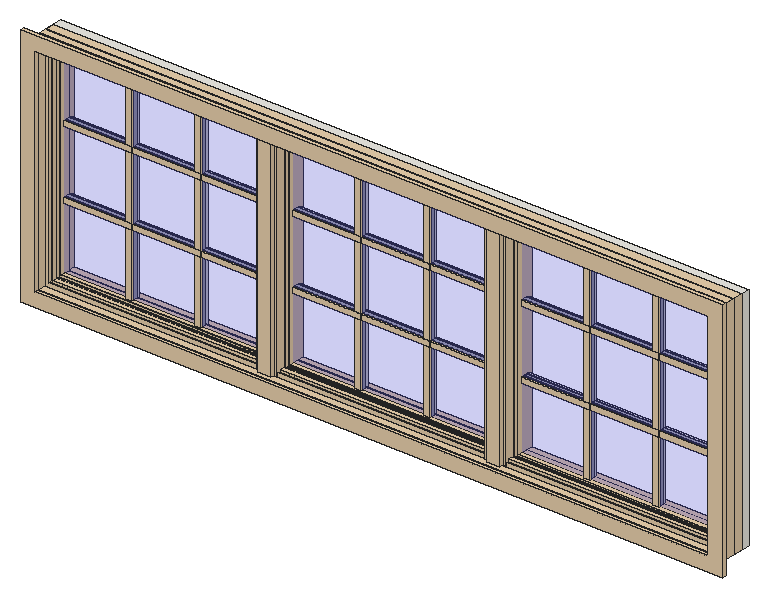
Revit family "1 Window-Transom_Fixed-Andersen-400_Series_Triple", category Windows, host Wall, Revit 2014
Parameters (values of type "84-5/8" x 12"")
  XPanelWidth = (Width / 3) - 0' 1 9/256"  # 2' - 10 7/8"
  XPanelHeight = Height - 0' 1 1/8"  # 2' - 10 7/8"
  Visual Light Transmittance = 0.48  # constant formula
  Thermal Resistance (R) = 0.62871  # 3.5700 (h·ft²·°F)/BTU
  TFL = if(Fractional Lights High > 5, 3, if(or(Fractional Lights High = 4, Fractional Lights High = 5), 2, if(or(Fractional Lights High = 2, Fractional Lights High = 3), 1, 1)))  # 2
  TFB = TFL - 1  # 1
  Solar Heat Gain Coefficient = 0.21  # constant formula
  Learn About These Parameters = "http://www.andersenwindows.com/for-professionals/cad-symbols-bim-support-window-doors/bim-support"
  LWide = if(Enter Pattern Number = 3, 3, if(Enter Pattern Number = 1, . . Lights Wide, Fractional Lights Wide))  # 3
  Heat Transfer Coefficient (U) = 1.5899  # 0.2800 BTU/(h·ft²·°F)
  Glazing Material = Glass ‐ Andersen - Low-E4 SmartSun
  Fractional Lights Wide = 3
  Fractional Lights High = 5
  Exterior Unit Finish = Vinyl - Andersen - White
  Enter Jamb Condition = 1
  Analytic Construction = "<None>"
  ..Jamb Condition Number 1 = "Extension Jamb Only"  # constant formula
  ..Jamb Condition Number 2 = "Narrow Drywall Return"  # constant formula
  ..Jamb Condition Number 3 = "Wide Drywall Return"  # constant formula
  Available Grille Bar Sizes = "3/4'', 7/8'', 1 1/8'', 2 1/4''"  # constant formula
  Between Glass Grille Bar Sizes = "3/4'', 1''"  # constant formula
  Interior Casing = yes
  Grille Bar Size = 0' - 0 7/8"
  Enter Pattern Number = 1
  ..Pattern Number 1 = "Colonial"  # constant formula
  . . Lights Wide = 3
  . . Lights High = 3
  ..Pattern Number 2 = "Modified Colonial"  # constant formula
  ..Pattern Number 3 = "Prairie"  # constant formula
  ..Pattern Number 4 = "Short Fractional"  # constant formula
  ..Pattern Number 5 = "Tall Fractional"  # constant formula
  Extension Jamb = yes
  Enter Exterior Trim Number = 0
  ..Exterior Trim Number 0 = "No Exterior Trim"  # constant formula
  ..Exterior Trim Number 1 = "Brick Mould"  # constant formula
  ..Exterior Trim Number 2 = "3 1/2'' Flat Casing"  # constant formula
  ..Exterior Trim Number 3 = "4 1/2'' Flat Casing"  # constant formula
  Interior Grille Bar = yes
  Exterior Grille Bar = yes
  Between Glass Grille Bar = yes
  xjamb Visibility [instance] = and(and(Enter Jamb Condition = 1, Wall Depth > 0' 2 7/8"), Extension Jamb)  # yes
  xjamb S1 [instance] = if(Wall Depth > 0' 3", Wall Depth - 0' 2 27/32", 0' 3")  # 0' - 1 23/32"
  sill nose1 = 0' - 1 13/16"  # constant formula
  sill nose 2 = 0' - 1 15/16"  # constant formula
  casingS2 = if(Enter Exterior Trim Number = 1, 0' 0 3/16", 0' 0 3/16")  # 0' - 0 3/16"
  casingS1 = if(Enter Exterior Trim Number = 1, 0' 0 7/16", 0' 0 3/16")  # 0' - 0 3/16"
  casing4 = if(Enter Exterior Trim Number = 1, 0' 1 3/4", if(Enter Exterior Trim Number = 2, 0' 3 1/4", 0' 4 1/4"))  # 0' - 4 1/4"
  casing3 = 0' - 0 1/2"  # constant formula
  casing2 = 0' - 0 7/8"  # constant formula
  casing1 = 0' - 0 1/4"  # constant formula
  Xjamb 2 = if(or(Enter Jamb Condition = 2, Enter Jamb Condition = 3), 0' 0 1/32", 0' 0 1/2")  # 0' - 0 1/2"
  Xjamb 1 = if(or(Enter Jamb Condition = 2, Enter Jamb Condition = 3), 0' 0 5/8", 0' 1 3/32")  # 0' - 1 3/32"
  Wall Thickness [instance] = 0' - 6"
  Wall Depth [instance] = 0' - 4 9/16"
  Void Offset 2 = if(Enter Exterior Trim Number > 0, 0' 1 15/16", 0' 0")  # 0' - 0"
  Void Offset 1 = if(Enter Exterior Trim Number > 0, casing4, 0' 0")  # 0' - 0"
  Void Depth [instance] = if(Wall Thickness > Wall Depth, 0' 1" + Wall Thickness - Wall Depth, 0' 1")  # 0' - 2 7/16"
  VeriLock Sensor [instance] = no
  VGB DLO = if(Enter Pattern Number = 3, 0' 4", (H DLO - (Grille Bar Size * (V Bars))) / if(LWide > 2, LWide, 3))  # 2' - 9.82682"
  V Bars = if(Enter Pattern Number = 3, 2, if(LWide > 2, LWide - 1, 2))  # 2
  URL = "www.andersenwindows.com"
  Type Comments = "Vinyl-clad wood transom window"
  TS V DLO = Height - HGO - SGO  # 2' - 7 1/2"
  TS V Bar Length = if(or(Enter Pattern Number = 5, Enter Pattern Number = 2), ((((Height - HGO - SGO - (Grille Bar Size * (Fractional Lights High - 1))) / Fractional Lights High)) * TFL) + (TFB * Grille Bar Size), if(Enter Pattern Number = 4, ((Height - HGO - SGO - (Grille Bar Size * (Fractional Lights High - 1))) / Fractional Lights High), Height - HGO - SGO))  # 2' - 7 1/2"
  TS SH DLO = if(or(Enter Pattern Number = 5, Enter Pattern Number = 2), ((((Height - HGO - SGO - (Grille Bar Size * (Fractional Lights High - 1))) / Fractional Lights High)) * TFL) + (TFB * Grille Bar Size) + HGO + (Grille Bar Size / 2), if(Enter Pattern Number = 4, TS V Bar Length + HGO + (Grille Bar Size / 2), (TS V DLO / 2) + HGO))  # 1' - 6"
  TS S V = or(and(LWide = 2, Enter Pattern Number = 1), and(Fractional Lights Wide = 2, or(or(Enter Pattern Number = 2, Enter Pattern Number = 4), Enter Pattern Number = 5)))  # no
  TS S H Craftsman = and(Enter Pattern Number = 2, or(Fractional Lights High = 4, Fractional Lights High = 5))  # no
  TS S H = or(or(or(and(. . Lights High = 2, Enter Pattern Number = 1), and(Enter Pattern Number = 4, Fractional Lights High > 1)), and(Enter Pattern Number = 5, Fractional Lights High > 1)), and(Enter Pattern Number = 2, Fractional Lights High > 1))  # no
  TS M V = LWide > 2  # yes
  TS M H = or(or(Enter Pattern Number = 3, and(. . Lights High > 2, Enter Pattern Number = 1)), and(Enter Pattern Number = 2, Fractional Lights High > 5))  # yes
  TS HGB DLO = if(Enter Pattern Number = 1, if(. . Lights High > 2, ((TS V Bar Length - (Grille Bar Size * (. . Lights High - 1))) / . . Lights High), 0' 4"), if(Enter Pattern Number = 3, 0' 4", if(Fractional Lights High > 2, ((TS V Bar Length - (Grille Bar Size * 2)) / 3), 0' 4")))  # 0' - 9.91667"
  TS H Bars = if(Enter Pattern Number = 3, 2, if(Enter Pattern Number = 1, if(. . Lights High > 2, . . Lights High - 1, 2), 2))  # 2
  Step Visibility = or(Enter Jamb Condition = 2, Enter Jamb Condition = 3)  # no
  Step Jamb2 = if(Enter Jamb Condition = 2, 0' 0 1/4", 0' 0 13/16")  # 0' - 0 13/16"
  Step Jamb1 = 0' - 1 1/8"  # constant formula
  Sill Stop Dim [instance] = 0' - 2 1/2"
  SGO = 0' - 2 1/4"  # constant formula
  Rough Width = Width + (Rough Opening Offset * 2)  # 9' - 0 59/256"
  Rough Opening Offset = 0' - 0 1/4"
  Rough Height = Height + (Rough Opening Offset * 2)  # 3' - 0 1/2"
  Push Out Stop Visibility [instance] = no
  Product Documentation Link = "https://www.andersenwindows.com/windows-and-doors/series/400-series/"
  Plan Exterior Mask Visibility [instance] = Plan Exterior Mask 2 > 0' 0 1/32"  # yes
  Plan Exterior Mask 2 [instance] = if(Enter Exterior Trim Number > 0, if(Wall Depth + 0' 1 1/16" + casingS1 > Wall Thickness, 0' 0 1/32", Wall Thickness - Wall Depth - 0' 1 1/16" - casingS1), if(Wall Depth + 0' 1 1/16" > Wall Thickness, 0' 0 1/32", Wall Thickness - Wall Depth - 0' 0 1/16"))  # 0' - 1 3/8"
  Plan Exterior Mask [instance] = if(Enter Exterior Trim Number > 0, 0' 1 1/16" + casingS1, 0' 1 1/16")  # 0' - 1 1/16"
  Nail Fin Visibility = Enter Exterior Trim Number = 0  # yes
  Model = "400-Series Casement/Awning Transom"  # constant formula
  Masonry Width = if(Enter Exterior Trim Number > 0, Width + ((casing4 + Masonry Opening Offset) * 2), Width + (Masonry Opening Offset * 2))  # 9' - 0 59/256"
  Masonry Opening Offset = 0' - 0 1/4"
  Masonry Height = if(Enter Exterior Trim Number > 0, Height + (casing4 + Masonry Opening Offset) + (sill nose 2 + Masonry Opening Offset), Height + (Masonry Opening Offset * 2))  # 3' - 0 1/2"
  Manufacturer = "Andersen Corporation"  # constant formula
  JGO = 0' - 2 1/4"  # constant formula
  Interior Trim Visibility = and(Enter Jamb Condition = 1, Interior Casing)  # yes
  Interior Material = Wood - Andersen - Pine
  Interior Casing Size = 0' - 2 1/4"
  Horizontal Craftsman Bar Size = 0' - 0 7/8"
  Height = 3' - 0"
  Head Stop Dim [instance] = 0' - 2 17/64"
  HGO = 0' - 2 1/4"  # constant formula
  H DLO = Width - (JGO * 2)  # 8' - 7 59/256"
  Family Version = "01.01.19"  # constant formula
  Exterior Trim Finish = Fibrex Composite - Andersen - White
  Designation = "CTR32410"
  Description = "Vinyl-clad wood casement/awning transom"  # constant formula
  Default Sill Height = 6' 10 1/2" - Rough Height  # 3' - 10"
  Wall Closure = By host
  Width = 8' - 11 187/256"
  Crank Out Stop Visibility [instance] = yes
  Coarse Plan [instance] = if(Wall Depth < Wall Thickness, Wall Depth, Wall Thickness)  # 0' - 4 9/16"
  Casing Visibility = Enter Exterior Trim Number > 0  # no
  Between Glass Grille Bar Finish = Stainless Steel - Andersen - Standard
  Bar Center Line = if(Enter Pattern Number = 3, 1, 2)  # 2
  Assembly Code = "B2020100"
Reference planes (in)
  plane 1 "Center (Front/Back)": y = 0
  plane 2: z = 0
  plane 3 "Center (Left/Right)": x = 0
  plane 4 "R Frame": x = -53.86523
  plane 5 "L Frame": x = 53.86523
  plane 6 "B Frame": z = 46.25
  plane 7 "T Frame": z = 82.25
  plane 8 "L Glazing": x = 51.61523
  plane 9 "L Ext Frame": x = 53.30273
  plane 10 "L Stop": x = 51.86523
  plane 11 "L Xjamb 1": x = 52.77148
  plane 12 "L Casing 1": x = 53.61523
  plane 13 "L Xjamb 2": x = 53.36523
  plane 14 "L Rough Opening": x = 54.11523
  plane 15 "L Casing 2": x = 57.24023
  plane 16 "L Casing 3": x = 57.61523
  plane 17 "L Casing 4": x = 58.11523
  plane 18 "R Glazing": x = -51.61523
  plane 19 "R Ext Frame": x = -53.30273
  plane 20 "R Stop": x = -51.86523
  plane 21 "R Xjamb 1": x = -52.77148
  plane 22 "R Casing 1": x = -53.61523
  plane 23 "R Xjamb 2": x = -53.36523
  plane 24 "R Rough Opening": x = -54.11523
  plane 25 "R Casing 2": x = -57.24023
  plane 26 "R Casing 3": x = -57.61523
  plane 27 "R Casing 4": x = -58.11523
  plane 28 "R Int Casing": x = -55.02148
  plane 29 "T Ext Frame": z = 81.68689
  plane 30 "T Xjamb 1": z = 81.125
  plane 31 "T Casing 1": z = 82
  plane 32 "T Xjamb 2": z = 81.75
  plane 33 "T Rough Opening": z = 82.5
  plane 34 "T Casing 2": z = 85.625
  plane 35 "T Casing 3": z = 86
  plane 36 "T Casing 4": z = 86.5
  plane 37 "T Int Casing": z = 83.375
  plane 38 "B Ext Frame": z = 46.81311
  plane 39 "B Xjamb 2": z = 46.75
  plane 40 "B Casing 1": z = 46.5
  plane 41 "B Casing 2": z = 44.3125
  plane 42 "B Int Casing": z = 45.125
  plane 43 "L Int Casing": x = 55.02148
  plane 44 "Casing S1": y = 3.062
  plane 45 "Casing S2": y = 3.062
  plane 46 "Frame S1": y = 2.8745
  plane 47 "Flange": y = 1.5625
  plane 48 "Sash1 S2": y = 0
  plane 49 "Frame S2": y = -1.2855
  plane 50 "B Xjamb 1": z = 47.375
  plane 51 "Exterior Offset": y = 4
  plane 52 "Interior Casing": y = -3.625
  plane 53 "B Rough Opening": z = 46
  plane 54 "R Masonry Opening": x = -58.36523
  plane 55 "L Masonry Opening": x = 58.36523
  plane 56 "T Masonry Opening": z = 86.75
  plane 57 "B Masonry Opening": z = 44.0625
  plane 58 "Xjamb S1": y = -1.28125
  plane 59 "Sash1 S1": y = 2.5625
  plane 60 "Stop S1": y = -1.6875
  plane 61 "T Int Frame": z = 81.125
  plane 62 "B Int Frame": z = 47.375
  plane 63 "L Int Frame": x = 52.75623
  plane 64 "R Int Frame": x = -52.75623
  plane 65 "T Stop": z = 80.25
  plane 66 "B Stop": z = 48.25
  plane 67: x = 18.42773
  plane 68: x = -18.42773
Forms (in)
  Extrusion 1, void
    sketch origin (0, 0, 0) x (1, 0, 0) y (0, 0, 1)
      loop
        line (53.86523, 82.25) -> (-53.86523, 82.25) -> (-53.86523, 46.25) -> (53.86523, 46.25) -> (53.86523, 82.25)
    from -1.5625 to 3
  Extrusion 2, void
    sketch origin (0, 0, 0) x (1, 0, 0) y (0, 0, 1)
      loop
        line (53.86523, 82.25) -> (-53.86523, 82.25) -> (-53.86523, 46.25) -> (53.86523, 46.25) -> (53.86523, 82.25)
    from -15 to -1.5625
  Extrusion 3, solid, material "Wood - Andersen - Pine" <- "Interior Material", visible <- "xjamb Visibility", detail levels medium+fine
    sketch origin (0, -2.5625, 0) x (-1, 0, 0) y (0, 0, 1)
      loop
        line (53.36523, 81.75) -> (-53.36523, 81.75) -> (-53.36523, 46.75) -> (53.36523, 46.75) -> (53.36523, 81.75)
      loop
        line (52.77148, 81.125) -> (-52.77148, 81.125) -> (-52.77148, 47.375) -> (52.77148, 47.375) -> (52.77148, 81.125)
    from 1.28125 to -0.4375
  Extrusion 4, solid, material "Wood - Andersen - Pine" <- "Interior Material", visible <- "Interior Trim Visibility", detail levels fine
    sketch origin (0, -3.625, 0) x (-1, 0, 0) y (0, 0, 1)
      loop
        line (55.02148, 83.375) -> (-55.02148, 83.375) -> (-55.02148, 45.125) -> (55.02148, 45.125) -> (55.02148, 83.375)
      loop
        line (52.77148, 81.125) -> (-52.77148, 81.125) -> (-52.77148, 47.375) -> (52.77148, 47.375) -> (52.77148, 81.125)
    from 0 to 0.625
  Extrusion 5, solid, material "Fibrex Composite - Andersen - White" <- "Exterior Trim Finish", visible <- "Casing Visibility", detail levels medium+fine
    sketch origin (0, 0, 0) x (0, 1, 0) y (0, 0, 1)
      loop
        line (2.31163, 46.25) -> (1.5625, 46.25) -> (1.5625, 44.3125) -> (3.375, 44.3125) -> (3.375, 46.0625) -> (2.31163, 46.25)
    from -58.11523 to 58.11523
  Sweep 6, solid, material "Fibrex Composite - Andersen - White" <- "Exterior Trim Finish", visible <- "Casing Visibility", detail levels medium+fine
    path origin (0, 1.5625, 0) x (-1, 0, 0) y (0, 0, 1)
      loop
        line (-58.11523, 44.3125) -> (-58.11523, 86.5) -> (58.11523, 86.5) -> (58.11523, 44.3125)
    profile origin (58.11523, 1.5625, 65.40625) x (1, 0, 0) y (0, 1, 0)
      loop
        line (-0.875, 1.4995) -> (-4.5, 1.4995) -> (-4.5, 0) -> (0, 0) -> (0, 1.4995) -> (-0.5, 1.4995) -> (-0.875, 1.4995)
  Extrusion 7, solid, material "Fibrex Composite - Andersen - White" <- "Exterior Trim Finish", visible <- "Casing Visibility", detail levels coarse
    sketch origin (0, 1.5625, 0) x (-1, 0, 0) y (0, 0, 1)
      loop
        line (-58.11523, 86.5) -> (-58.11523, 44.3125) -> (58.11523, 44.3125) -> (58.11523, 86.5) -> (-58.11523, 86.5)
      loop
        line (-53.61523, 82) -> (-53.61523, 46.25) -> (53.61523, 46.25) -> (53.61523, 82) -> (-53.61523, 82)
    from 0 to 1.4995
  Extrusion 8, solid, material "Wood - Andersen - Pine" <- "Interior Material", detail levels medium+fine
    sketch origin (0, 0, 0) x (-1, 0, 0) y (0, 0, 1)
      loop
        line (53.28523, 81.5) -> (-53.28523, 81.5) -> (-53.28523, 46.99975) -> (53.28523, 46.99975) -> (53.28523, 81.5)
      loop
        line (51.61523, 80) -> (-51.61523, 80) -> (-51.61523, 48.5) -> (51.61523, 48.5) -> (51.61523, 80)
    from 0 to 1.5625
  Extrusion 9, solid, material "Vinyl - Andersen - White" <- "Exterior Unit Finish"
    sketch origin (0, 0, 0) x (1, 0, 0) y (0, 0, 1)
      loop
        line (53.86523, 82.25) -> (-53.86523, 82.25) -> (-53.86523, 46.25) -> (53.86523, 46.25) -> (53.86523, 82.25)
      loop
        line (53.30273, 81.68689) -> (-53.30273, 81.68689) -> (-53.30273, 46.81311) -> (53.30273, 46.81311) -> (53.30273, 81.68689)
    from -2.8745 to 0
  Extrusion 10, solid, material "Wood - Andersen - Pine" <- "Interior Material", detail levels medium+fine
    sketch origin (0, 0, 0) x (1, 0, 0) y (0, 0, 1)
      loop
        line (53.86523, 82.25) -> (-53.86523, 82.25) -> (-53.86523, 46.25) -> (53.86523, 46.25) -> (53.86523, 82.25)
      loop
        line (52.75623, 81.125) -> (-52.75623, 81.125) -> (-52.75623, 47.375) -> (52.75623, 47.375) -> (52.75623, 81.125)
    from 0 to 1.2855
  Extrusion 11, solid, material "Wood - Andersen - Pine" <- "Interior Material"
    sketch origin (0, 0, 0) x (1, 0, 0) y (0, 1, 0)
      loop
        line (-52.75623, -1.6875) -> (-52.17773, -1.6875) -> (-52.17773, -0.4375) -> (-51.86523, -0.4375) -> (-51.86523, 0) -> (-52.75623, 0) -> (-52.75623, -1.6875)
      loop
        line (52.75623, -1.6875) -> (52.75623, 0) -> (51.86523, 0) -> (51.86523, -0.4375) -> (52.17773, -0.4375) -> (52.17773, -1.6875) -> (52.75623, -1.6875)
    from 47.375 to 81.125
  Sweep 12, solid, material "Wood - Andersen - Pine" <- "Interior Material", visible <- "Step Visibility", detail levels medium+fine
    path origin (0, 1.5625, 0) x (-1, 0, 0) y (0, 0, 1)
      loop
        line (53.86523, 46.25) -> (53.86523, 82.25) -> (-53.86523, 82.25) -> (-53.86523, 46.25) -> (53.86523, 46.25)
    profile origin (-53.86523, 1.5625, 64.25) x (1, 0, 0) y (0, 1, 0)
      loop
        line (0, -2.848) -> (0, -3.6605) -> (1.09375, -3.6605) -> (1.09375, -2.848) -> (0, -2.848)
  Extrusion 13, solid, material "Wood - Andersen - Pine" <- "Interior Material"
    sketch origin (0, 0, 0) x (0, 1, 0) y (0, 0, 1)
      loop
        line (-1.6875, 81.125) -> (-1.6875, 80.5625) -> (-0.4375, 80.5625) -> (-0.4375, 80.25) -> (0, 80.25) -> (0, 81.125) -> (-1.6875, 81.125)
      loop
        line (-0.4375, 48.25) -> (-0.4375, 47.9375) -> (-1.6875, 47.9375) -> (-1.6875, 47.375) -> (0, 47.375) -> (0, 48.25) -> (-0.4375, 48.25)
    from -52.75623 to 52.75623
  Sweep 14, solid, material "Wood - Andersen - Pine" <- "Interior Material"
    path origin (0, 1.5625, 0) x (-1, 0, 0) y (0, 0, 1)
      loop
        line (-53.86523, 82.25) -> (-53.86523, 46.25) -> (53.86523, 46.25) -> (53.86523, 82.25) -> (-53.86523, 82.25)
    profile origin (53.86523, 1.5625, 64.25) x (0, 1, 0) y (-1, 0, 0)
      loop
        line (0, 2.25) -> (-1.5625, 2.25) -> (-1.5625, 2) -> (-2.848, 2) -> (-2.848, 0) -> (0, 0) -> (0, 2.25)
  Extrusion 15, solid, material "Vinyl - Andersen - White" <- "Exterior Unit Finish"
    sketch origin (0, 1.5, 46.25) x (0, -1, 0) y (1, 0, 0)
      loop
        line (-1.3745, -18.42773) -> (1.5, -18.42773) -> (1.5, -17.4375) -> (-1.3745, -17.4375) -> (-1.3745, -18.42773)
    from 0.56311 to 35.43689
  Extrusion 16, solid, material "Wood - Andersen - Pine" <- "Interior Material"
    sketch origin (0, 0, 46.25) x (0, -1, 0) y (1, 0, 0)
      loop
        line (0, 15.98623) -> (0.4375, 15.98623) -> (0.4375, 16.29873) -> (1.6875, 16.29873) -> (1.6875, 16.87723) -> (2.2055, 16.87723) -> (2.2055, 18.97423) -> (1.6875, 18.97423) -> (1.6875, 19.55273) -> (0.4375, 19.55273) -> (0.4375, 19.86523) -> (0, 19.86523) -> (0, 15.98623)
    from 1.125 to 34.875
  Extrusion 17, solid, material "Vinyl - Andersen - White" <- "Exterior Unit Finish"
    sketch origin (3.25, 1.5, 46.25) x (0, -1, 0) y (1, 0, 0)
      loop
        line (-1.3745, 14.1875) -> (1.5, 14.1875) -> (1.5, 15.17773) -> (-1.3745, 15.17773) -> (-1.3745, 14.1875)
    from 0.56311 to 35.43689
  Extrusion 18, solid, material "Wood - Andersen - Pine" <- "Interior Material"
    sketch origin (0, -4, 46.25) x (0, -1, 0) y (1, 0, 0)
      loop
        line (-4, -19.86523) -> (-3.5625, -19.86523) -> (-3.5625, -19.55273) -> (-2.3125, -19.55273) -> (-2.3125, -18.97423) -> (-1.7945, -18.97423) -> (-1.7945, -16.87723) -> (-2.3125, -16.87723) -> (-2.3125, -16.29873) -> (-3.5625, -16.29873) -> (-3.5625, -15.98623) -> (-4, -15.98623) -> (-4, -19.86523)
    from 1.125 to 34.875
Cuts and joins
  joined: Extrusion 5, Sweep 6
  joined: Extrusion 11, Extrusion 13
  joined: Extrusion 9, Extrusion 15, Extrusion 17
  joined: Sweep 14, Extrusion 16, Extrusion 18
Lines and regions (in)
  Masking region 1, detail levels medium+fine
    outline origin (0, 0, 46.81311) x (0, -1, 0) y (1, 0, 0)
      loop
        line (-2.8745, -53.86523) -> (1.2855, -53.86523) -> (1.2855, -52.75623) -> (1.6875, -52.75623) -> (1.6875, 52.75623) -> (1.2855, 52.75623) -> (1.2855, 53.86523) -> (-2.8745, 53.86523) -> (-2.8745, -53.86523)
  Masking region 2, visible <- "Casing Visibility", detail levels medium+fine
    outline origin (0, 0, 46.25) x (0, -1, 0) y (1, 0, 0)
      loop
        line (-2.8745, -53.86523) -> (-2.8745, 53.86523) -> (-1.5625, 53.86523) -> (-1.5625, 58.11523) -> (-3.062, 58.11523) -> (-3.062, -58.11523) -> (-1.5625, -58.11523) -> (-1.5625, -53.86523) -> (-2.8745, -53.86523)
  Masking region 3, visible <- "Nail Fin Visibility", detail levels coarse
    outline origin (0, 0, 46.25) x (0, -1, 0) y (1, 0, 0)
      loop
        line (-4, -53.86523) -> (3, -53.86523) -> (3, 53.86523) -> (-4, 53.86523) -> (-4, -53.86523)
  Masking region 4
    outline origin (0, 0, 0) x (0, 1, 0) y (0, 0, 1)
      loop
        line (2.8745, 82.25) -> (-1.2855, 82.25) -> (-1.2855, 81.125) -> (-1.6875, 81.125) -> (-1.6875, 47.375) -> (-1.2855, 47.375) -> (-1.2855, 46.25) -> (2.8745, 46.25) -> (2.8745, 82.25)
  Masking region 5, visible <- "Casing Visibility"
    outline origin (0, 0, 0) x (0, 1, 0) y (0, 0, 1)
      loop
        line (2.8745, 46.15075) -> (2.8745, 46.25) -> (1.5625, 46.25) -> (1.5625, 44.3125) -> (3.375, 44.3125) -> (3.375, 46.0625) -> (2.8745, 46.15075)
  Masking region 6, visible <- "Casing Visibility"
    outline origin (0, 0, 0) x (0, 1, 0) y (0, 0, 1)
      loop
        line (2.8745, 82.25) -> (2.8745, 46.15075) -> (3.062, 46.11769) -> (3.062, 86.5) -> (1.5625, 86.5) -> (1.5625, 82.25) -> (2.8745, 82.25)
  Masking region 7, visible <- "Casing Visibility", detail levels coarse
    outline origin (0, 0, 46.25) x (0, -1, 0) y (1, 0, 0)
      loop
        line (-4, -58.11523) -> (-1.5625, -58.11523) -> (-1.5625, -53.86523) -> (3, -53.86523) -> (3, 53.86523) -> (-1.5625, 53.86523) -> (-1.5625, 58.11523) -> (-4, 58.11523) -> (-4, -58.11523)
  Masking region 8, visible <- "Step Visibility", detail levels medium+fine
    outline origin (0, 0, 0) x (0, 1, 0) y (0, 0, 1)
      loop
        line (-1.28125, 82.25) -> (-2.098, 82.25) -> (-2.098, 46.25) -> (-1.28125, 46.25) -> (-1.28125, 47.375) -> (-1.6875, 47.375) -> (-1.6875, 81.125) -> (-1.28125, 81.125) -> (-1.28125, 82.25)
  Masking region 9, visible <- "xjamb Visibility", detail levels medium+fine
    outline origin (0, 0, 0) x (0, 1, 0) y (0, 0, 1)
      loop
        line (-1.28125, 81.75) -> (-3, 81.75) -> (-3, 46.75) -> (-1.28125, 46.75) -> (-1.28125, 47.375) -> (-1.6875, 47.375) -> (-1.6875, 81.125) -> (-1.28125, 81.125) -> (-1.28125, 81.75)
  Masking region 10, visible <- "Interior Trim Visibility", detail levels fine
    outline origin (0, 0, 0) x (0, 1, 0) y (0, 0, 1)
      loop
        line (-3, 83.375) -> (-3.625, 83.375) -> (-3.625, 45.125) -> (-3, 45.125) -> (-3, 83.375)
  Masking region 11, visible <- "Step Visibility", detail levels medium+fine
    outline origin (0, 0, 46.25) x (0, -1, 0) y (1, 0, 0)
      loop
        line (1.28125, -53.86523) -> (2.098, -53.86523) -> (2.098, 53.86523) -> (1.28125, 53.86523) -> (1.28125, 52.75623) -> (1.6875, 52.75623) -> (1.6875, -52.75623) -> (1.28125, -52.75623) -> (1.28125, -53.86523)
  Masking region 12, visible <- "xjamb Visibility", detail levels medium+fine
    outline origin (0, 0, 46.25) x (0, -1, 0) y (1, 0, 0)
      loop
        line (1.28125, -53.36523) -> (3, -53.36523) -> (3, 53.36523) -> (1.28125, 53.36523) -> (1.28125, 52.75623) -> (1.6875, 52.75623) -> (1.6875, -52.75623) -> (1.28125, -52.75623) -> (1.28125, -53.36523)
  Masking region 13, visible <- "Interior Trim Visibility", detail levels fine
    outline origin (0, 0, 46.25) x (0, -1, 0) y (1, 0, 0)
      loop
        line (3, -55.02148) -> (3.625, -55.02148) -> (3.625, 55.02148) -> (3, 55.02148) -> (3, -55.02148)
  symbolic lines, style "WindowsFrameMullionProjection", visible <- "Casing Visibility", detail levels fine
    curve 1: line (57.61523, 3.062, 46.25) -> (57.24023, 3.062, 46.25)
    curve 2: line (57.24023, 3.062, 46.25) -> (53.61523, 3.062, 46.25)
    curve 3: line (-57.61523, 3.062, 46.25) -> (-57.24023, 3.062, 46.25)
    curve 4: line (-57.24023, 3.062, 46.25) -> (-53.61523, 3.062, 46.25)
    curve 5: line (-53.61523, 3.062, 46.25) -> (-53.61523, 2.8745, 46.25)
    curve 164: line (53.61523, 3.062, 46.25) -> (53.61523, 2.8745, 46.25)
  symbolic lines, style "WindowsFrameMullionProjection", detail levels medium
    curve 6: line (-51.61523, 2.5625, 46.25) -> (-51.61523, -1.6875, 46.25)
    curve 7: line (51.61523, 2.5625, 46.25) -> (51.61523, -1.6875, 46.25)
    curve 301: line (-17.42373, 2.8745, 0) -> (-17.42373, 2.5625, 0)
    curve 302: line (-17.42373, 2.5625, 0) -> (-15.75, 2.5625, 0)
    curve 303: line (-15.75, 2.5625, 0) -> (-15.75, -1.6875, 0)
    curve 304: line (-15.75, -1.6875, 0) -> (-16.87723, -1.6875, 0)
    curve 305: line (-16.87723, -1.518, 0) -> (-16.87723, -2.2055, 0)
    curve 306: line (-16.87723, -2.2055, 0) -> (-18.97423, -2.2055, 0)
    curve 307: line (-18.97423, -2.2055, 0) -> (-18.97423, -1.518, 0)
    curve 308: line (-18.97423, -1.6875, 0) -> (-20.11523, -1.6875, 0)
    curve 309: line (-20.11523, -1.6875, 0) -> (-20.11523, 2.5625, 0)
    curve 310: line (-20.11523, 2.5625, 0) -> (-18.42773, 2.5625, 0)
    curve 311: line (-18.42773, 2.5625, 0) -> (-18.42773, 2.8745, 0)
    curve 312: line (-16.87723, -1.518, 0) -> (-18.97423, -1.518, 0)
    curve 314: line (18.42773, 2.8745, 0) -> (18.42773, 2.5625, 0)
    curve 315: line (18.42773, 2.5625, 0) -> (20.10147, 2.5625, 0)
    curve 316: line (20.10147, 2.5625, 0) -> (20.10147, -1.6875, 0)
    curve 317: line (20.10147, -1.6875, 0) -> (18.97423, -1.6875, 0)
    curve 318: line (18.97423, -1.518, 0) -> (18.97423, -2.2055, 0)
    curve 319: line (18.97423, -2.2055, 0) -> (16.87723, -2.2055, 0)
    curve 320: line (16.87723, -2.2055, 0) -> (16.87723, -1.518, 0)
    curve 321: line (16.87723, -1.6875, 0) -> (15.73623, -1.6875, 0)
    curve 322: line (15.73623, -1.6875, 0) -> (15.73623, 2.5625, 0)
    curve 323: line (15.73623, 2.5625, 0) -> (17.42373, 2.5625, 0)
    curve 324: line (17.42373, 2.5625, 0) -> (17.42373, 2.8745, 0)
    curve 325: line (18.97423, -1.518, 0) -> (16.87723, -1.518, 0)
    curve 339: line (-51.61523, 2.5625, 46.25) -> (-53.30273, 2.5625, 46.25)
    curve 340: line (-53.30273, 2.8745, 46.25) -> (-53.30273, 2.5625, 46.25)
    curve 341: line (53.30273, 2.5625, 46.25) -> (51.61523, 2.5625, 46.25)
    curve 342: line (53.30273, 2.8745, 46.25) -> (53.30273, 2.5625, 46.25)
  symbolic lines, style "WindowsFrameMullionProjection", detail levels coarse
    curve 8: line (-51.61523, -3, 46.25) -> (-51.61523, 4, 46.25)
    curve 9: line (51.61523, -3, 46.25) -> (51.61523, 4, 46.25)
  symbolic lines, style "WindowsGlassProjection", detail levels coarse
    curve 10: line (-51.61523, 0, 46.25) -> (51.61523, 0, 46.25)
    curve 11: line (-51.61523, 1, 46.25) -> (51.61523, 1, 46.25)
  symbolic lines, style "WindowsFrameMullionProjection", visible <- "Casing Visibility"
    curve 12: line (0, 3.062, 86) -> (0, 3.062, 85.625)
    curve 13: line (0, 3.062, 85.625) -> (0, 3.062, 82)
    curve 14: line (0, 3.062, 82) -> (0, 2.8745, 82)
    curve 108: line (-58.11523, 3.062, 46.25) -> (-58.11523, 1.5625, 46.25)
    curve 110: line (58.11523, 3.062, 46.25) -> (58.11523, 1.5625, 46.25)
    curve 112: line (0, 3.062, 86.5) -> (0, 1.5625, 86.5)
    curve 114: line (0, 3.062, 44.3125) -> (0, 1.5625, 44.3125)
  symbolic lines, style "WindowsFrameMullionProjection", visible <- "Casing Visibility", detail levels medium
    curve 15: line (-53.86523, 2.8745, 46.25) -> (-53.86523, 3.062, 46.25)
    curve 16: line (53.86523, 3.062, 46.25) -> (53.86523, 2.8745, 46.25)
  symbolic lines, style "WindowsFrameMullionProjection", visible <- "Nail Fin Visibility", detail levels medium+fine
    curve 17: line (-53.86523, 1.5625, 0) -> (-55.36523, 1.5625, 0)
    curve 39: line (53.86523, 1.5625, 0) -> (55.36523, 1.5625, 0)
  symbolic lines, style "WindowsFrameMullionProjection", detail levels fine
    curve 18: line (-51.86523, 0, 0) -> (-51.86523, -0.4375, 0)
    curve 19: line (-53.22273, 2.4375, 0) -> (-53.22273, 2.5625, 0)
    curve 20: line (-53.22273, 2.5625, 0) -> (-52.1709, 2.5625, 0)
    curve 23: line (-51.678, 0, 0) -> (-51.61523, 0.6875, 0)
    curve 31: line (-51.678, 2.1875, 0) -> (-51.61523, 1.5625, 0)
    curve 35: line (-51.74023, 0.8125, 0) -> (-51.74023, 1.4375, 0)
    curve 40: line (51.86523, 0, 0) -> (51.86523, -0.4375, 0)
    curve 41: line (53.22273, 2.4375, 0) -> (53.22273, 2.5625, 0)
    curve 42: line (53.22273, 2.5625, 0) -> (52.1709, 2.5625, 0)
    curve 45: line (51.678, 0, 0) -> (51.61523, 0.6875, 0)
    curve 46: line (51.678, 2.1875, 0) -> (51.61523, 1.5625, 0)
    curve 49: line (51.74023, 0.8125, 0) -> (51.74023, 1.4375, 0)
    curve 61: line (0, 1.4375, 80.125) -> (0, 0.8125, 80.125)
    curve 66: line (-51.86523, -0.4375, 0) -> (-52.17773, -0.4375, 0)
    curve 67: line (-52.17773, -0.4375, 0) -> (-52.17773, -1.6875, 0)
    curve 70: line (51.86523, -0.4375, 0) -> (52.17773, -0.4375, 0)
    curve 71: line (52.17773, -0.4375, 0) -> (52.17773, -1.6875, 0)
    curve 85: line (-53.22273, 2.4375, 0) -> (-53.30273, 2.4375, 0)
    curve 86: line (-52.11776, 2.1875, 0) -> (-51.678, 2.1875, 0)
    curve 87: line (-52.49023, 0, 0) -> (-51.678, 0, 0)
    curve 88: line (-52.49023, -1.09375, 0) -> (-52.75623, -1.09375, 0)
    curve 93: line (53.22273, 2.4375, 0) -> (53.30273, 2.4375, 0)
    curve 94: line (52.11776, 2.1875, 0) -> (51.678, 2.1875, 0)
    curve 95: line (52.49023, 0, 0) -> (51.678, 0, 0)
    curve 96: line (52.49023, -1.09375, 0) -> (52.75623, -1.09375, 0)
    curve 97: line (-53.30273, 2.4375, 0) -> (-53.30273, 2.8745, 0)
    curve 99: line (53.30273, 2.4375, 0) -> (53.30273, 2.8745, 0)
    curve 100: line (-52.1709, 2.5625, 0) -> (-52.11776, 2.1875, 0)
    curve 102: line (52.1709, 2.5625, 0) -> (52.11776, 2.1875, 0)
    curve 137: line (-52.49023, 1.5625, 0) -> (-52.49023, -1.09375, 0)
    curve 139: line (52.49023, 1.5625, 0) -> (52.49023, -1.09375, 0)
    curve 140: line (-52.75623, -1.09375, 0) -> (-52.75623, -1.2855, 0)
    curve 142: line (52.75623, -1.09375, 0) -> (52.75623, -1.2855, 0)
    curve 154: line (0, 1.4375, 48.375) -> (0, 0.8125, 48.375)
    curve 165: line (19.86523, 0, 0) -> (19.86523, -0.4375, 0)
    curve 166: line (18.50773, 2.4375, 0) -> (18.50773, 2.5625, 0)
    curve 167: line (18.50773, 2.5625, 0) -> (19.55957, 2.5625, 0)
    curve 170: line (20.05247, 0, 0) -> (20.11523, 0.6875, 0)
    curve 171: line (20.05247, 2.1875, 0) -> (20.11523, 1.5625, 0)
    curve 174: line (19.99023, 0.8125, 0) -> (19.99023, 1.4375, 0)
    curve 175: line (19.86523, -0.4375, 0) -> (19.55273, -0.4375, 0)
    curve 176: line (19.55273, -0.4375, 0) -> (19.55273, -1.6875, 0)
    curve 177: line (18.50773, 2.4375, 0) -> (18.42773, 2.4375, 0)
    curve 178: line (19.6127, 2.1875, 0) -> (20.05247, 2.1875, 0)
    curve 179: line (19.24023, 0, 0) -> (20.05247, 0, 0)
    curve 180: line (19.24023, -1.09375, 0) -> (18.97423, -1.09375, 0)
    curve 181: line (18.42773, 2.4375, 0) -> (18.42773, 2.8745, 0)
    curve 182: line (19.55957, 2.5625, 0) -> (19.6127, 2.1875, 0)
    curve 183: line (19.24023, 1.5625, 0) -> (19.24023, -1.09375, 0)
    curve 184: line (18.97423, -1.09375, 0) -> (18.97423, -2.2055, 0)
    curve 185: line (15.98623, 0, 0) -> (15.98623, -0.4375, 0)
    curve 186: line (17.34373, 2.4375, 0) -> (17.34373, 2.5625, 0)
    curve 187: line (17.34373, 2.5625, 0) -> (16.2919, 2.5625, 0)
    curve 190: line (15.799, 0, 0) -> (15.73623, 0.6875, 0)
    curve 191: line (15.799, 2.1875, 0) -> (15.73623, 1.5625, 0)
    curve 194: line (15.86123, 0.8125, 0) -> (15.86123, 1.4375, 0)
    curve 195: line (15.98623, -0.4375, 0) -> (16.29873, -0.4375, 0)
    curve 196: line (16.29873, -0.4375, 0) -> (16.29873, -1.6875, 0)
    curve 197: line (17.34373, 2.4375, 0) -> (17.42373, 2.4375, 0)
    curve 198: line (16.23876, 2.1875, 0) -> (15.799, 2.1875, 0)
    curve 199: line (16.61123, 0, 0) -> (15.799, 0, 0)
    curve 200: line (16.61123, -1.09375, 0) -> (16.87723, -1.09375, 0)
    curve 201: line (17.42373, 2.4375, 0) -> (17.42373, 2.8745, 0)
    curve 202: line (16.2919, 2.5625, 0) -> (16.23876, 2.1875, 0)
    curve 203: line (16.61123, 1.5625, 0) -> (16.61123, -1.09375, 0)
    curve 204: line (16.87723, -1.09375, 0) -> (16.87723, -2.2055, 0)
    curve 205: line (18.42773, 2.8745, 0) -> (17.42373, 2.8745, 0)
    curve 206: line (16.87723, -1.6875, 0) -> (16.29873, -1.6875, 0)
    curve 207: line (18.97423, -1.6875, 0) -> (19.55273, -1.6875, 0)
    curve 208: line (18.97423, -2.2055, 0) -> (16.87723, -2.2055, 0)
    curve 209: line (18.97423, -1.518, 0) -> (16.87723, -1.518, 0)
    curve 255: line (-15.98623, 0, 0) -> (-15.98623, -0.4375, 0)
    curve 256: line (-17.34373, 2.4375, 0) -> (-17.34373, 2.5625, 0)
    curve 257: line (-17.34373, 2.5625, 0) -> (-16.2919, 2.5625, 0)
    curve 260: line (-15.799, 0, 0) -> (-15.73623, 0.6875, 0)
    curve 261: line (-15.799, 2.1875, 0) -> (-15.73623, 1.5625, 0)
    curve 264: line (-15.86123, 0.8125, 0) -> (-15.86123, 1.4375, 0)
    curve 265: line (-15.98623, -0.4375, 0) -> (-16.29873, -0.4375, 0)
    curve 266: line (-16.29873, -0.4375, 0) -> (-16.29873, -1.6875, 0)
    curve 267: line (-17.34373, 2.4375, 0) -> (-17.42373, 2.4375, 0)
    curve 268: line (-16.23876, 2.1875, 0) -> (-15.799, 2.1875, 0)
    curve 269: line (-16.61123, 0, 0) -> (-15.799, 0, 0)
    curve 270: line (-16.61123, -1.09375, 0) -> (-16.87723, -1.09375, 0)
    curve 271: line (-17.42373, 2.4375, 0) -> (-17.42373, 2.8745, 0)
    curve 272: line (-16.2919, 2.5625, 0) -> (-16.23876, 2.1875, 0)
    curve 273: line (-16.61123, 1.5625, 0) -> (-16.61123, -1.09375, 0)
    curve 274: line (-16.87723, -1.09375, 0) -> (-16.87723, -2.2055, 0)
    curve 275: line (-19.86523, 0, 0) -> (-19.86523, -0.4375, 0)
    curve 276: line (-18.50773, 2.4375, 0) -> (-18.50773, 2.5625, 0)
    curve 277: line (-18.50773, 2.5625, 0) -> (-19.55957, 2.5625, 0)
    curve 280: line (-20.05247, 0, 0) -> (-20.11523, 0.6875, 0)
    curve 281: line (-20.05247, 2.1875, 0) -> (-20.11523, 1.5625, 0)
    curve 284: line (-19.99023, 0.8125, 0) -> (-19.99023, 1.4375, 0)
    curve 285: line (-19.86523, -0.4375, 0) -> (-19.55273, -0.4375, 0)
    curve 286: line (-19.55273, -0.4375, 0) -> (-19.55273, -1.6875, 0)
    curve 287: line (-18.50773, 2.4375, 0) -> (-18.42773, 2.4375, 0)
    curve 288: line (-19.6127, 2.1875, 0) -> (-20.05247, 2.1875, 0)
    curve 289: line (-19.24023, 0, 0) -> (-20.05247, 0, 0)
    curve 290: line (-19.24023, -1.09375, 0) -> (-18.97423, -1.09375, 0)
    curve 291: line (-18.42773, 2.4375, 0) -> (-18.42773, 2.8745, 0)
    curve 292: line (-19.55957, 2.5625, 0) -> (-19.6127, 2.1875, 0)
    curve 293: line (-19.24023, 1.5625, 0) -> (-19.24023, -1.09375, 0)
    curve 294: line (-18.97423, -1.09375, 0) -> (-18.97423, -2.2055, 0)
    curve 295: line (-17.42373, 2.8745, 0) -> (-18.42773, 2.8745, 0)
    curve 296: line (-18.97423, -1.6875, 0) -> (-19.55273, -1.6875, 0)
    curve 297: line (-16.87723, -1.6875, 0) -> (-16.29873, -1.6875, 0)
    curve 298: line (-16.87723, -2.2055, 0) -> (-18.97423, -2.2055, 0)
    curve 299: line (-16.87723, -1.518, 0) -> (-18.97423, -1.518, 0)
  symbolic lines, style "WindowsGlassProjection", detail levels fine
    curve 21: line (-51.61523, 1.5625, 0) -> (-52.49023, 1.5625, 0)
    curve 22: line (-51.61523, 0.6875, 0) -> (-52.49023, 0.6875, 0)
    curve 33: line (-51.61523, 1.4375, 0) -> (-52.49023, 1.4375, 0)
    curve 34: line (-51.61523, 0.8125, 0) -> (-52.49023, 0.8125, 0)
    curve 43: line (51.61523, 1.5625, 0) -> (52.49023, 1.5625, 0)
    curve 44: line (51.61523, 0.6875, 0) -> (52.49023, 0.6875, 0)
    curve 47: line (51.61523, 1.4375, 0) -> (52.49023, 1.4375, 0)
    curve 48: line (51.61523, 0.8125, 0) -> (52.49023, 0.8125, 0)
    curve 59: line (0, 1.4375, 80.89) -> (0, 1.4375, 80)
    curve 60: line (0, 0.8125, 80.89) -> (0, 0.8125, 80)
    curve 152: line (0, 1.4375, 47.61) -> (0, 1.4375, 48.5)
    curve 153: line (0, 0.8125, 47.61) -> (0, 0.8125, 48.5)
    curve 168: line (20.11523, 1.5625, 0) -> (19.24023, 1.5625, 0)
    curve 169: line (20.11523, 0.6875, 0) -> (19.24023, 0.6875, 0)
    curve 172: line (20.11523, 1.4375, 0) -> (19.24023, 1.4375, 0)
    curve 173: line (20.11523, 0.8125, 0) -> (19.24023, 0.8125, 0)
    curve 188: line (15.73623, 1.5625, 0) -> (16.61123, 1.5625, 0)
    curve 189: line (15.73623, 0.6875, 0) -> (16.61123, 0.6875, 0)
    curve 192: line (15.73623, 1.4375, 0) -> (16.61123, 1.4375, 0)
    curve 193: line (15.73623, 0.8125, 0) -> (16.61123, 0.8125, 0)
    curve 258: line (-15.73623, 1.5625, 0) -> (-16.61123, 1.5625, 0)
    curve 259: line (-15.73623, 0.6875, 0) -> (-16.61123, 0.6875, 0)
    curve 262: line (-15.73623, 1.4375, 0) -> (-16.61123, 1.4375, 0)
    curve 263: line (-15.73623, 0.8125, 0) -> (-16.61123, 0.8125, 0)
    curve 278: line (-20.11523, 1.5625, 0) -> (-19.24023, 1.5625, 0)
    curve 279: line (-20.11523, 0.6875, 0) -> (-19.24023, 0.6875, 0)
    curve 282: line (-20.11523, 1.4375, 0) -> (-19.24023, 1.4375, 0)
    curve 283: line (-20.11523, 0.8125, 0) -> (-19.24023, 0.8125, 0)
  symbolic lines, style "WindowsFrameMullionProjection", visible <- "Nail Fin Visibility", not visible, detail levels medium+fine
    curve 24: line (-35.18862, 120.69666, 0) -> (-36.68862, 120.69666, 0)
  symbolic lines, style "WindowsFrameMullionProjection", not visible, detail levels fine
    curve 25: line (-33.18862, 119.13416, 0) -> (-33.18862, 118.69666, 0)
    curve 26: line (-34.54612, 121.57166, 0) -> (-34.54612, 121.69666, 0)
    curve 27: line (-34.54612, 121.69666, 0) -> (-33.49429, 121.69666, 0)
    curve 30: line (-33.00138, 119.13416, 0) -> (-32.93862, 119.82166, 0)
    curve 32: line (-33.00138, 121.32166, 0) -> (-32.93862, 120.69666, 0)
    curve 38: line (-33.06362, 119.94666, 0) -> (-33.06362, 120.57166, 0)
    curve 68: line (-33.18862, 118.69666, 0) -> (-33.50112, 118.69666, 0)
    curve 69: line (-33.50112, 118.69666, 0) -> (-33.50112, 117.44666, 0)
    curve 89: line (-34.54612, 121.57166, 0) -> (-34.62612, 121.57166, 0)
    curve 90: line (-33.44115, 121.32166, 0) -> (-33.00138, 121.32166, 0)
    curve 91: line (-33.81362, 119.13416, 0) -> (-33.00138, 119.13416, 0)
    curve 92: line (-33.81362, 118.04041, 0) -> (-34.07962, 118.04041, 0)
    curve 98: line (-34.62612, 121.57166, 0) -> (-34.62612, 122.00866, 0)
    curve 101: line (-33.49429, 121.69666, 0) -> (-33.44115, 121.32166, 0)
    curve 127: line (0, 1.4375, 80.125) -> (0, 0.8125, 80.125)
    curve 138: line (-33.81362, 120.69666, 0) -> (-33.81362, 118.04041, 0)
    curve 141: line (-34.07962, 118.04041, 0) -> (-34.07962, 117.84866, 0)
    curve 210: line (-42.05481, 9.88854, 0) -> (-42.05481, 9.45104, 0)
    curve 211: line (-43.41231, 12.32604, 0) -> (-43.41231, 12.45104, 0)
    curve 212: line (-43.41231, 12.45104, 0) -> (-42.36048, 12.45104, 0)
    curve 215: line (-41.86758, 9.88854, 0) -> (-41.80481, 10.57604, 0)
    curve 216: line (-41.86758, 12.07604, 0) -> (-41.80481, 11.45104, 0)
    curve 219: line (-41.92981, 10.70104, 0) -> (-41.92981, 11.32604, 0)
    curve 220: line (-42.05481, 9.45104, 0) -> (-42.36731, 9.45104, 0)
    curve 221: line (-42.36731, 9.45104, 0) -> (-42.36731, 8.20104, 0)
    curve 222: line (-43.41231, 12.32604, 0) -> (-43.49231, 12.32604, 0)
    curve 223: line (-42.30734, 12.07604, 0) -> (-41.86758, 12.07604, 0)
    curve 224: line (-42.67981, 9.88854, 0) -> (-41.86758, 9.88854, 0)
    curve 225: line (-42.67981, 8.79479, 0) -> (-42.94581, 8.79479, 0)
    curve 226: line (-43.49231, 12.32604, 0) -> (-43.49231, 12.76304, 0)
    curve 227: line (-42.36048, 12.45104, 0) -> (-42.30734, 12.07604, 0)
    curve 228: line (-42.67981, 11.45104, 0) -> (-42.67981, 8.79479, 0)
    curve 229: line (-42.94581, 8.79479, 0) -> (-42.94581, 7.68304, 0)
    curve 230: line (-45.93381, 9.88854, 0) -> (-45.93381, 9.45104, 0)
    curve 231: line (-44.57631, 12.32604, 0) -> (-44.57631, 12.45104, 0)
    curve 232: line (-44.57631, 12.45104, 0) -> (-45.62814, 12.45104, 0)
    curve 235: line (-46.12104, 9.88854, 0) -> (-46.18381, 10.57604, 0)
    curve 236: line (-46.12104, 12.07604, 0) -> (-46.18381, 11.45104, 0)
    curve 239: line (-46.05881, 10.70104, 0) -> (-46.05881, 11.32604, 0)
    curve 240: line (-45.93381, 9.45104, 0) -> (-45.62131, 9.45104, 0)
    curve 241: line (-45.62131, 9.45104, 0) -> (-45.62131, 8.20104, 0)
    curve 242: line (-44.57631, 12.32604, 0) -> (-44.49631, 12.32604, 0)
    curve 243: line (-45.68128, 12.07604, 0) -> (-46.12104, 12.07604, 0)
    curve 244: line (-45.30881, 9.88854, 0) -> (-46.12104, 9.88854, 0)
    curve 245: line (-45.30881, 8.79479, 0) -> (-45.04281, 8.79479, 0)
    curve 246: line (-44.49631, 12.32604, 0) -> (-44.49631, 12.76304, 0)
    curve 247: line (-45.62814, 12.45104, 0) -> (-45.68128, 12.07604, 0)
    curve 248: line (-45.30881, 11.45104, 0) -> (-45.30881, 8.79479, 0)
    curve 249: line (-45.04281, 8.79479, 0) -> (-45.04281, 7.68304, 0)
    curve 250: line (-43.49231, 12.76304, 0) -> (-44.49631, 12.76304, 0)
    curve 251: line (-45.04281, 8.20104, 0) -> (-45.62131, 8.20104, 0)
    curve 252: line (-42.94581, 8.20104, 0) -> (-42.36731, 8.20104, 0)
    curve 253: line (-42.94581, 7.68304, 0) -> (-45.04281, 7.68304, 0)
    curve 254: line (-42.94581, 8.37054, 0) -> (-45.04281, 8.37054, 0)
  symbolic lines, style "WindowsGlassProjection", not visible, detail levels fine
    curve 28: line (-32.93862, 120.69666, 0) -> (-33.81362, 120.69666, 0)
    curve 29: line (-32.93862, 119.82166, 0) -> (-33.81362, 119.82166, 0)
    curve 36: line (-32.93862, 120.57166, 0) -> (-33.81362, 120.57166, 0)
    curve 37: line (-32.93862, 119.94666, 0) -> (-33.81362, 119.94666, 0)
    curve 125: line (0, 1.4375, 80.89) -> (0, 1.4375, 80)
    curve 126: line (0, 0.8125, 80.89) -> (0, 0.8125, 80)
    curve 213: line (-41.80481, 11.45104, 0) -> (-42.67981, 11.45104, 0)
    curve 214: line (-41.80481, 10.57604, 0) -> (-42.67981, 10.57604, 0)
    curve 217: line (-41.80481, 11.32604, 0) -> (-42.67981, 11.32604, 0)
    curve 218: line (-41.80481, 10.70104, 0) -> (-42.67981, 10.70104, 0)
    curve 233: line (-46.18381, 11.45104, 0) -> (-45.30881, 11.45104, 0)
    curve 234: line (-46.18381, 10.57604, 0) -> (-45.30881, 10.57604, 0)
    curve 237: line (-46.18381, 11.32604, 0) -> (-45.30881, 11.32604, 0)
    curve 238: line (-46.18381, 10.70104, 0) -> (-45.30881, 10.70104, 0)
  symbolic lines, style "WindowsFrameMullionProjection"
    curve 50: line (0, 2.4375, 81.6875) -> (0, 2.8745, 81.6875)
    curve 51: line (0, -1.2855, 81.125) -> (0, -1.0925, 81.125)
    curve 52: line (0, 0, 80.25) -> (0, -0.4375, 80.25)
    curve 53: line (0, 0, 80.89) -> (0, 0, 80.11677)
    curve 55: line (0, 2.5625, 80.625) -> (0, 2.5625, 81.625)
    curve 56: line (0, 2.5625, 81.625) -> (0, 2.4375, 81.625)
    curve 57: line (0, 2.4375, 81.6875) -> (0, 2.4375, 81.625)
    curve 58: line (0, 0.6875, 80) -> (0, 0, 80.11677)
    curve 62: line (0, 2.1875, 80.55427) -> (0, 2.1875, 80.11677)
    curve 63: line (0, 2.1875, 80.11677) -> (0, 1.5625, 80)
    curve 103: line (0, 2.5625, 80.625) -> (0, 2.1875, 80.55427)
    curve 104: line (0, 1.5625, 80.89) -> (0, -1.0925, 80.89)
    curve 105: line (0, -1.0925, 81.125) -> (0, -1.0925, 80.89)
    curve 106: line (0, -0.4375, 80.5625) -> (0, -0.4375, 80.25)
    curve 107: line (0, -0.4375, 80.5625) -> (0, -1.6875, 80.5625)
    curve 109: line (-53.86523, 1.5625, 46.25) -> (-53.86523, -1.2855, 46.25)
    curve 111: line (53.86523, 1.5625, 46.25) -> (53.86523, -1.2855, 46.25)
    curve 113: line (0, 2.8745, 82.25) -> (0, -1.2855, 82.25)
    curve 115: line (0, 2.8745, 46.25) -> (0, -1.2855, 46.25)
    curve 143: line (0, 2.4375, 46.8125) -> (0, 2.8745, 46.8125)
    curve 144: line (0, -1.2855, 47.375) -> (0, -1.0925, 47.375)
    curve 145: line (0, 0, 48.25) -> (0, -0.4375, 48.25)
    curve 146: line (0, 0, 47.61) -> (0, 0, 48.38323)
    curve 148: line (0, 2.5625, 47.875) -> (0, 2.5625, 46.875)
    curve 149: line (0, 2.5625, 46.875) -> (0, 2.4375, 46.875)
    curve 150: line (0, 2.4375, 46.8125) -> (0, 2.4375, 46.875)
    curve 151: line (0, 0.6875, 48.5) -> (0, 0, 48.38323)
    curve 155: line (0, 2.1875, 47.94573) -> (0, 2.1875, 48.38323)
    curve 156: line (0, 2.1875, 48.38323) -> (0, 1.5625, 48.5)
    curve 159: line (0, 2.5625, 47.875) -> (0, 2.1875, 47.94573)
    curve 160: line (0, 1.5625, 47.61) -> (0, -1.0925, 47.61)
    curve 161: line (0, -1.0925, 47.375) -> (0, -1.0925, 47.61)
    curve 162: line (0, -0.4375, 47.9375) -> (0, -0.4375, 48.25)
    curve 163: line (0, -0.4375, 47.9375) -> (0, -1.6875, 47.9375)
  symbolic lines, style "WindowsGlassProjection"
    curve 54: line (0, 0.6875, 80) -> (0, 0.6875, 80.89)
    curve 64: line (0, 1.5625, 80) -> (0, 1.5625, 80.89)
    curve 147: line (0, 0.6875, 48.5) -> (0, 0.6875, 47.61)
    curve 157: line (0, 1.5625, 48.5) -> (0, 1.5625, 47.61)
  symbolic lines, style "WindowsFrameMullionProjection", visible <- "Nail Fin Visibility"
    curve 65: line (0, 1.5625, 83.875) -> (0, 1.5625, 82.25)
    curve 158: line (0, 1.5625, 44.625) -> (0, 1.5625, 46.25)
  symbolic lines, style "InvisibleLines", detail levels coarse
    curve 72: line (-53.86523, -3, 0) -> (53.86523, -3, 0)
  symbolic lines, style "WindowsFrameMullionProjection", visible <- "Step Visibility", detail levels medium+fine
    curve 73: line (0, -1.28125, 81.125) -> (0, -2.098, 81.125)
    curve 76: line (0, -1.28125, 47.375) -> (0, -2.098, 47.375)
    curve 79: line (-52.75623, -1.28125, 46.25) -> (-52.75623, -2.098, 46.25)
    curve 82: line (52.75623, -1.28125, 46.25) -> (52.75623, -2.098, 46.25)
  symbolic lines, style "WindowsFrameMullionProjection", visible <- "xjamb Visibility", detail levels medium+fine
    curve 74: line (0, -1.28125, 81.125) -> (0, -3, 81.125)
    curve 77: line (0, -1.28125, 47.375) -> (0, -3, 47.375)
    curve 80: line (-52.77148, -1.28125, 46.25) -> (-52.77148, -3, 46.25)
    curve 83: line (52.77148, -1.28125, 46.25) -> (52.77148, -3, 46.25)
  symbolic lines, style "WindowsFrameMullionProjection", visible <- "Interior Trim Visibility", detail levels fine
    curve 75: line (0, -3, 81.125) -> (0, -3.625, 81.125)
    curve 78: line (0, -3, 47.375) -> (0, -3.625, 47.375)
    curve 81: line (-52.77148, -3, 46.25) -> (-52.77148, -3.625, 46.25)
    curve 84: line (52.77148, -3, 46.25) -> (52.77148, -3.625, 46.25)
  symbolic lines, style "WindowsFrameMullionProjection", not visible
    curve 116: line (0, 2.4375, 81.6875) -> (0, 2.8745, 81.6875)
    curve 117: line (0, -1.2855, 81.125) -> (0, -1.0925, 81.125)
    curve 118: line (0, 0, 80.25) -> (0, -0.4375, 80.25)
    curve 119: line (0, 0, 80.89) -> (0, 0, 80.11677)
    curve 121: line (0, 2.5625, 80.625) -> (0, 2.5625, 81.625)
    curve 122: line (0, 2.5625, 81.625) -> (0, 2.4375, 81.625)
    curve 123: line (0, 2.4375, 81.6875) -> (0, 2.4375, 81.625)
    curve 124: line (0, 0.6875, 80) -> (0, 0, 80.11677)
    curve 128: line (0, 2.1875, 80.55427) -> (0, 2.1875, 80.11677)
    curve 129: line (0, 2.1875, 80.11677) -> (0, 1.5625, 80)
    curve 132: line (0, 2.5625, 80.625) -> (0, 2.1875, 80.55427)
    curve 133: line (0, 1.5625, 80.89) -> (0, -1.0925, 80.89)
    curve 134: line (0, -1.0925, 81.125) -> (0, -1.0925, 80.89)
    curve 135: line (0, -0.4375, 80.5625) -> (0, -0.4375, 80.25)
    curve 136: line (0, -0.4375, 80.5625) -> (0, -1.6875, 80.5625)
  symbolic lines, style "WindowsGlassProjection", not visible
    curve 120: line (0, 0.6875, 80) -> (0, 0.6875, 80.89)
    curve 130: line (0, 1.5625, 80) -> (0, 1.5625, 80.89)
  symbolic lines, style "WindowsFrameMullionProjection", visible <- "Nail Fin Visibility", not visible
    curve 131: line (0, 1.5625, 83.875) -> (0, 1.5625, 82.25)
  symbolic lines, style "WindowsFrameMullionProjection", detail levels medium+fine
    curve 300: line (-18.42773, 2.8745, 0) -> (-17.42373, 2.8745, 0)
    curve 313: line (17.42373, 2.8745, 0) -> (18.42773, 2.8745, 0)
  symbolic lines, style "WindowsFrameMullionProjection", not visible, detail levels medium+fine
    curve 326: line (-44.49631, 12.76304, 0) -> (-43.49231, 12.76304, 0)
  symbolic lines, style "WindowsFrameMullionProjection", not visible, detail levels medium
    curve 327: line (-43.49231, 12.76304, 0) -> (-43.49231, 12.45104, 0)
    curve 328: line (-43.49231, 12.45104, 0) -> (-41.81857, 12.45104, 0)
    curve 329: line (-41.81857, 12.45104, 0) -> (-41.81857, 8.20104, 0)
    curve 330: line (-41.81857, 8.20104, 0) -> (-42.94581, 8.20104, 0)
    curve 331: line (-42.94581, 8.37054, 0) -> (-42.94581, 7.68304, 0)
    curve 332: line (-42.94581, 7.68304, 0) -> (-45.04281, 7.68304, 0)
    curve 333: line (-45.04281, 7.68304, 0) -> (-45.04281, 8.37054, 0)
    curve 334: line (-45.04281, 8.20104, 0) -> (-46.18381, 8.20104, 0)
    curve 335: line (-46.18381, 8.20104, 0) -> (-46.18381, 12.45104, 0)
    curve 336: line (-46.18381, 12.45104, 0) -> (-44.49631, 12.45104, 0)
    curve 337: line (-44.49631, 12.45104, 0) -> (-44.49631, 12.76304, 0)
    curve 338: line (-42.94581, 8.37054, 0) -> (-45.04281, 8.37054, 0)
Text (in)
  text "EXTERIOR" at (-58.6888, 50.90694, 0), in view "Ref. Level"
  text "INTERIOR" at (-58.6888, -37.76638, 0), in view "Ref. Level"
  text "Exterior" at (0, 43.65631, 123.19604), in view "Left"
  text "Exterior" at (0, 18.29385, 125.04747), in view "Right"
Dimensions and locks (in)
  equal spacing: plane 4 "R Frame", plane 3 "Center (Left/Right)", plane 5 "L Frame"
  "Width": plane 4 "R Frame" to plane 5 "L Frame"
  "Height": plane 6 "B Frame" to plane 7 "T Frame"
  locked: plane 46 "Frame S1" to plane 47 "Flange" at 1.312
  locked: plane 47 "Flange" to plane 48 "Sash1 S2" at 1.5625
  locked: plane 47 "Flange" to plane 49 "Frame S2" at 2.848
  "casingS2": plane 45 "Casing S2" to plane 46 "Frame S1"
  "casingS1": plane 44 "Casing S1" to plane 46 "Frame S1"
  "Xjamb 2": plane 32 "T Xjamb 2" to plane 7 "T Frame"
  "casing1": plane 31 "T Casing 1" to plane 7 "T Frame"
  locked: plane 30 "T Xjamb 1" to plane 7 "T Frame" at 1.125
  plane 29 "T Ext Frame" to plane 7 "T Frame" = 0' - 0.56311"
  "Rough Opening Offset": plane 7 "T Frame" to plane 33 "T Rough Opening"
  "casing4": plane 7 "T Frame" to plane 36 "T Casing 4"
  "Xjamb 2": plane 6 "B Frame" to plane 39 "B Xjamb 2"
  locked: plane 6 "B Frame" to plane 40 "B Casing 1" at 0.25
  locked: plane 6 "B Frame" to plane 38 "B Ext Frame" at 0.56311
  "sill nose 2": plane 41 "B Casing 2" to plane 6 "B Frame"
  "casing4": plane 5 "L Frame" to plane 17 "L Casing 4"
  "casing4": plane 27 "R Casing 4" to plane 4 "R Frame"
  "casing3": plane 35 "T Casing 3" to plane 36 "T Casing 4"
  "casing2": plane 34 "T Casing 2" to plane 36 "T Casing 4"
  "casing3": plane 27 "R Casing 4" to plane 26 "R Casing 3"
  "casing2": plane 27 "R Casing 4" to plane 25 "R Casing 2"
  "casing1": plane 4 "R Frame" to plane 22 "R Casing 1"
  "casing1": plane 12 "L Casing 1" to plane 5 "L Frame"
  "casing3": plane 16 "L Casing 3" to plane 17 "L Casing 4"
  "casing2": plane 15 "L Casing 2" to plane 17 "L Casing 4"
  locked: plane 51 "Exterior Offset" to host wall at 1
  "Void Offset 1": plane 7 "T Frame" to Extrusion 2 sketch curve
  "Void Offset 1": Extrusion 2 sketch curve to plane 4 "R Frame"
  "Void Offset 1": plane 5 "L Frame" to Extrusion 2 sketch curve
  "Void Offset 2": Extrusion 2 sketch curve to plane 6 "B Frame"
  "Interior Casing Size": plane 28 "R Int Casing" to plane 21 "R Xjamb 1"
  "Interior Casing Size": plane 11 "L Xjamb 1" to plane 43 "L Int Casing"
  "Interior Casing Size": plane 30 "T Xjamb 1" to plane 37 "T Int Casing"
  "Interior Casing Size": plane 42 "B Int Casing" to plane 50 "B Xjamb 1"
  "Xjamb 1": plane 4 "R Frame" to plane 21 "R Xjamb 1"
  locked: plane 4 "R Frame" to plane 20 "R Stop" at 2
  locked: plane 4 "R Frame" to plane 19 "R Ext Frame" at 0.5625
  "JGO": plane 4 "R Frame" to plane 18 "R Glazing"
  locked: plane 10 "L Stop" to plane 5 "L Frame" at 2
  locked: plane 9 "L Ext Frame" to plane 5 "L Frame" at 0.5625
  "JGO": plane 8 "L Glazing" to plane 5 "L Frame"
  "Xjamb 1": plane 11 "L Xjamb 1" to plane 5 "L Frame"
  "Wall Thickness": host wall to host wall
  locked: plane 1 "Center (Front/Back)" to curve 11 at 1
  "sill nose1": Masking region 5 sketch curve to plane 47 "Flange"
  locked: level to plane 7 "T Frame" at 82.25
  "Rough Opening Offset": plane 53 "B Rough Opening" to plane 6 "B Frame"
  "Masonry Opening Offset": plane 54 "R Masonry Opening" to plane 27 "R Casing 4"
  "Masonry Opening Offset": plane 17 "L Casing 4" to plane 55 "L Masonry Opening"
  "Masonry Opening Offset": plane 36 "T Casing 4" to plane 56 "T Masonry Opening"
  "Masonry Opening Offset": plane 57 "B Masonry Opening" to plane 41 "B Casing 2"
  "sill nose1": Extrusion 5 sketch curve to plane 47 "Flange"
  "Void Depth": plane 51 "Exterior Offset" to Extrusion 2
  "Wall Depth": host wall to plane 47 "Flange"
  "Void Depth": plane 51 "Exterior Offset" to Masking region 7 sketch curve  (x2)
  locked: plane 52 "Interior Casing" to host wall at 0.625
  locked: Extrusion 2 to host wall at 12
  "Rough Opening Offset": plane 24 "R Rough Opening" to plane 4 "R Frame"
  "Rough Opening Offset": plane 5 "L Frame" to plane 14 "L Rough Opening"
  "Xjamb 2": plane 13 "L Xjamb 2" to plane 5 "L Frame"
  "Xjamb 2": plane 4 "R Frame" to plane 23 "R Xjamb 2"
  locked: plane 59 "Sash1 S1" to plane 47 "Flange" at 1
  locked: plane 47 "Flange" to plane 60 "Stop S1" at 3.25
  locked: plane 61 "T Int Frame" to plane 7 "T Frame" at 1.125
  locked: plane 6 "B Frame" to plane 62 "B Int Frame" at 1.125
  locked: plane 63 "L Int Frame" to plane 5 "L Frame" at 1.109
  locked: plane 4 "R Frame" to plane 64 "R Int Frame" at 1.109
  locked: Extrusion 11 sketch curve to plane 20 "R Stop" at 0.3125
  locked: Extrusion 11 sketch curve to plane 60 "Stop S1" at 1.25  (x2)
  locked: plane 10 "L Stop" to Extrusion 11 sketch curve at 0.3125
  host wall to Extrusion 11 = 0' - 1 11/16"
  locked: plane 4 "R Frame" to Sweep 12 sketch curve at 1.09375
  "Step Jamb2": plane 49 "Frame S2" to Sweep 12 sketch curve
  "xjamb S1": host wall to plane 58 "Xjamb S1"
  locked: plane 65 "T Stop" to plane 7 "T Frame" at 2
  locked: plane 6 "B Frame" to plane 66 "B Stop" at 2
  locked: Extrusion 13 sketch curve to plane 61 "T Int Frame" at 0.5625
  locked: plane 48 "Sash1 S2" to Extrusion 13 sketch curve at 0.4375
  locked: Masking region 5 sketch curve to plane 6 "B Frame" at 0.1875
  locked: Extrusion 5 sketch curve to plane 6 "B Frame" at 0.1875
  "Step Jamb2": plane 49 "Frame S2" to Masking region 11 sketch curve
  locked: plane 6 "B Frame" to plane 50 "B Xjamb 1" at 1.125
  locked: Extrusion 13 sketch curve to plane 60 "Stop S1" at 1.25
  locked: plane 62 "B Int Frame" to Extrusion 13 sketch curve at 0.5625
  "XPanelWidth": plane 19 "R Ext Frame" to plane 68
  "XPanelWidth": plane 67 to plane 9 "L Ext Frame"
  locked: Extrusion 15 sketch curve to Extrusion 15 sketch curve at 2.8745
